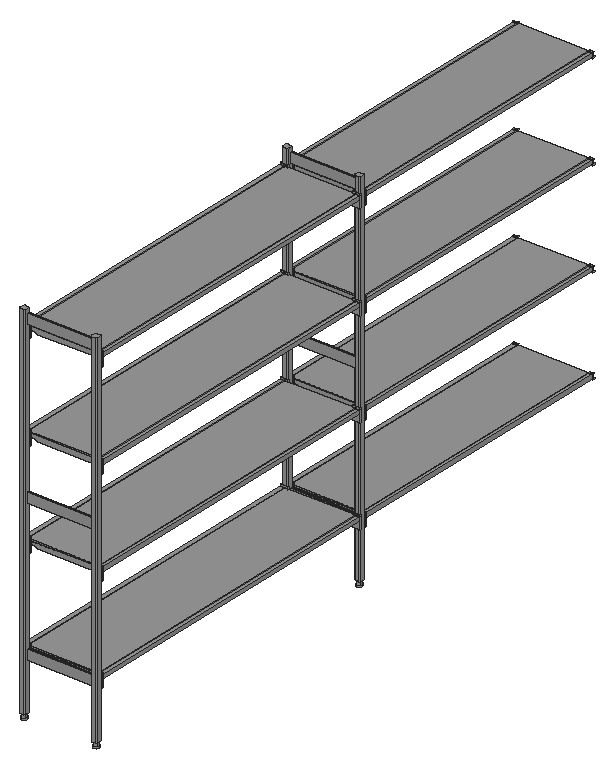
Revit family "QF_ZANUSSI_137069_ACS2903", category Attrezzature speciali, Revit 2020 (continued)
Definition of nested family "WT_Aggancio373"
  Lines and regions (mm)
    symbolic lines
      curve 6: line (-412, 23, 0) -> (-412, 3.978, 0)
      curve 7: line (-408, 23, 0) -> (-412, 23, 0)
      curve 8: line (-408, 3.978, 0) -> (-408, 23, 0)
  Dimensions and locks
    "Height": plane 5 "TOP" to level
    "Depth": plane 3 "BACK" to plane 4 "FRONT"
    "Dint": plane 7 to plane 8
    equal spacing: plane 7, plane 6 "Center (Front/Back)", plane 8
    equal spacing: plane 3 "BACK", plane 6 "Center (Front/Back)", plane 4 "FRONT"
    plane 9 "FEET" to level = 25.0 mm
    plane 5 "TOP" to plane 9 "FEET" = 1700.0 mm
    plane 10 to plane 9 "FEET" = 250.0 mm
    plane 11 to plane 10 = 450.0 mm
    plane 12 to plane 11 = 450.0 mm
    plane 13 to plane 12 = 450.0 mm
    locked: plane 3 "BACK" to plane 15 "CYBack" at 17.5
    locked: plane 16 "CYFront" to plane 4 "FRONT" at 17.5
    aligned and locked: level to plane 1
    aligned and locked: Extrusion 1 sketch curve to Extrusion 1 sketch curve  (x3)
  Automatic sketch dimensions
    plane 16 "CYFront" to Extrusion 1 sketch curve = 1.478 mm  (x4)
    Extrusion 1 sketch curve to Extrusion 1 sketch curve = 2.0 mm
    plane 8 to Extrusion 1 sketch curve = 3.478 mm  (x4)
    Extrusion 1 sketch curve to plane 10 = 4.006 mm
    Extrusion 1 sketch curve to Extrusion 1 sketch curve = 34.0 mm  (x4)
    Extrusion 1 sketch curve to plane 11 = 4.006 mm
    Extrusion 1 sketch curve to plane 12 = 4.006 mm
    Extrusion 1 sketch curve to plane 13 = 4.006 mm
    Extrusion 1 sketch curve to plane 7 = 37.522 mm  (x4)
    Extrusion 1 sketch curve to plane 7 = 3.522 mm  (x4)
    plane 14 to Extrusion 1 sketch curve = 3.516 mm  (x4)
    plane 14 to Extrusion 1 sketch curve = 1.522 mm  (x4)
    plane 10 to Extrusion 1 sketch curve = 7.998 mm  (x2)
    Extrusion 1 sketch curve to Extrusion 1 sketch curve = 11.498 mm  (x4)
    Extrusion 1 sketch curve to Extrusion 1 sketch curve = 6.499 mm  (x8)
    plane 11 to Extrusion 1 sketch curve = 7.998 mm  (x2)
    plane 12 to Extrusion 1 sketch curve = 7.998 mm  (x2)
    plane 13 to Extrusion 1 sketch curve = 7.998 mm  (x2)
    plane 2 "LEFT" to Extrusion 2 sketch curve = 0.0 mm  (x4)
    plane 13 to Extrusion 2 sketch curve = 7.996 mm
    plane 11 to Extrusion 2 sketch curve = 7.996 mm
    Extrusion 2 sketch curve to Extrusion 2 sketch curve = 5.0 mm  (x4)
    plane 11 to Extrusion 2 sketch curve = 2.494 mm
    plane 10 to Extrusion 2 sketch curve = 28.996 mm
    Extrusion 2 sketch curve to Extrusion 2 sketch curve = 3.0 mm  (x4)
    plane 10 to Extrusion 2 sketch curve = 7.996 mm
    plane 10 to Extrusion 2 sketch curve = 2.494 mm
    Extrusion 2 sketch curve to Extrusion 2 sketch curve = 18.0 mm  (x3)
    plane 12 to Extrusion 2 sketch curve = 2.494 mm
    plane 12 to Extrusion 2 sketch curve = 7.996 mm
    plane 13 to Extrusion 2 sketch curve = 2.494 mm
    plane 2 "LEFT" to Extrusion 3 sketch curve = 0.0 mm  (x4)
    plane 13 to Extrusion 3 sketch curve = 7.996 mm
    plane 11 to Extrusion 3 sketch curve = 7.996 mm
    Extrusion 3 sketch curve to Extrusion 3 sketch curve = 5.0 mm  (x4)
    plane 11 to Extrusion 3 sketch curve = 2.494 mm
    plane 10 to Extrusion 3 sketch curve = 28.996 mm
    Extrusion 3 sketch curve to Extrusion 3 sketch curve = 3.0 mm  (x4)
    plane 10 to Extrusion 3 sketch curve = 7.996 mm
    plane 10 to Extrusion 3 sketch curve = 2.494 mm
    Extrusion 3 sketch curve to Extrusion 3 sketch curve = 18.0 mm  (x3)
    plane 12 to Extrusion 3 sketch curve = 2.494 mm
    plane 12 to Extrusion 3 sketch curve = 7.996 mm
    plane 13 to Extrusion 3 sketch curve = 2.494 mm
    plane 2 "LEFT" to curve 1 = 5.0 mm
    plane 2 "LEFT" to curve 7 = 5.0 mm
    curve 1 to plane 16 "CYFront" = 17.5 mm
    curve 3 to plane 8 = 12.522 mm
    plane 7 to curve 5 = 12.478 mm
    curve 7 to plane 14 = 17.5 mm
    curve 5 to curve 5 = 4.0 mm
    curve 1 to curve 4 = 4.0 mm
    Extrusion 2 sketch curve to Extrusion 2 sketch curve = 4.0 mm  (x4)
    Extrusion 2 sketch curve to Extrusion 2 sketch curve = 8.969 mm  (x4)
    Extrusion 3 sketch curve to Extrusion 3 sketch curve = 4.0 mm  (x4)
    Extrusion 3 sketch curve to Extrusion 3 sketch curve = 8.969 mm  (x4)
